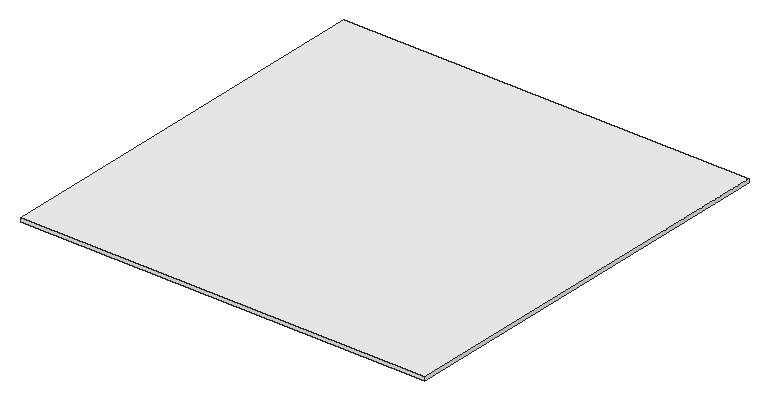
Revit family "NBS_INTRAMattingSystems_EntMatt_INTRAlux-Premier", category Generic Models, host Face, Revit 2013
Parameters (values of type "INTRAlux-Premier")
  Width [instance] = 1000 mm
  Weight = "3360g/m²"
  WarrantyStartDate [instance] = "1900-12-31T23:59:59"
  WarrantyGuarantorParts = "n/a"
  WarrantyGuarantorLabor = "n/a"
  WarrantyDurationUnit = "n/a"
  WarrantyDurationParts = "n/a"
  WarrantyDurationLabor = "n/a"
  WarrantyDescription = "n/a"
  Version = "1"
  Uniclass2 = "45-57-11/426"
  TrafficType = "n/a"
  TotalThickness = 9 mm
  Thickness = 9 mm  # constant formula
  TemperatureResistance = "n/a"
  TagNumber [instance] = "n/a"
  SustainabilityPerformance = "n/a"
  SurfaceSpreadOfFlame = "n/a"
  SurfaceInsertOptions = "n/a"
  Size = "Roll: 2000mm x 25m."
  Shape = "To be installed to any matwell shape/size"
  SerialNumber [instance] = "n/a"
  Revision = "n/a"
  ReplacementCost = "n/a"
  Reference = "n/a"
  Radius = "n/a"
  ProductInformation = "www.intramatting.com/product_download.php"
  Pattern = "n/a"
  NominalWidth = 0 mm
  NominalLength = 0 mm
  NominalHeight = 9 mm
  Name = "EntranceMatting_INTRAlux-Premier"
  NBSTypeID = "n/a"
  NBSReference = "45-35-35/420"
  NBSOfficeMasterTag = "n/a"
  NBSNote = "n/a"
  NBSDescription = "Entrance matting"
  NBSCertification = "www.nationalbimlibrary.com/intramatting-systems/intralux-premier"
  ModuleWidth = "n/a"
  ModelReference = "INTRAlux Premier"
  ModelNumber = "n/a"
  MatwellFrameFinish = "n/a"
  MattingHeight = "9mm"
  Material = "n/a"
  ManufacturerURL = "www.intramatting.com"
  ManufacturerName = "INTRAmatting Systems"
  Manufacturer = "info@intramatting.com"
  LinkingJoints = "n/a"
  Length [instance] = 1000 mm
  IntegralAccessories = "n/a"
  InstallationDate [instance] = "1900-12-31T23:59:59"
  InsertColourOptions = "007 Anthracite or 014 Grey."
  IfcExportType = "FLOORING"
  IfcExportAs = "IfcCoveringType"
  HasNonSkidSurface = yes
  HasAntiStaticSurface = no
  Grade = "n/a"
  FragilityRating = "n/a"
  FlammabilityRating = "n/a"
  FireRating = "Cfl-s1"
  Finish = "n/a"
  Features = "n/a"
  ExpectedLife = "3-5 years"
  EnvironmentalProductDeclaration = "n/a"
  EntranceMattingMaterial = NBS_INTRAMattingSystems_EntranceMatting_INTRAlux-Premier
  DurationUnit = "year"
  Description = "High quality polyamide sheet fibre barrier matting."
  Default Elevation = 0 mm
  Construction = "n/a"
  Constituents = "High content PVC backing with polyamide pile and nylon monofilaments."
  Combustible = yes
  Color = "n/a"
  CodePerformance = "n/a"
  Category = "n/a"
  BaseMaterial = "n/a"
  BaseColour = "n/a"
  BarCode [instance] = "n/a"
  BIMObjectName = "NBS_INTRAMattingSystems_EntranceMatting_INTRAlux-Premier"
  Author = "NBS"
  AssetType = "Fixed"
  AssetIdentifier [instance] = "n/a"
  Arrangement = "Interior surface mounted."
  AcousticRating = "n/a"
  AccessibilityPerformance = "n/a"
Types (2, lengths in mm): name | TotalThickness | NominalHeight | Manufacturer | HasAntiStaticSurface | Description
  (no name) | 0 | 0 | 0 | yes | 0
  INTRAlux-Premier | 9 | 9 | "info@intramatting.com" | no | "High quality polyamide sheet fibre barrier matting."
Values of the unnamed type that differ from the named types
  Weight = ""
  WarrantyStartDate = ""
  WarrantyGuarantorParts = ""
  WarrantyGuarantorLabor = ""
  WarrantyDurationUnit = ""
  WarrantyDurationParts = ""
  WarrantyDurationLabor = ""
  WarrantyDescription = ""
  Version = ""
  Uniclass2 = ""
  TrafficType = ""
  TemperatureResistance = ""
  TagNumber = ""
  SustainabilityPerformance = ""
  SurfaceSpreadOfFlame = ""
  SurfaceInsertOptions = ""
  Size = ""
  Shape = ""
  SerialNumber = ""
  Revision = ""
  ReplacementCost = ""
  Reference = ""
  Radius = ""
  ProductInformation = ""
  Pattern = ""
  Name = ""
  NBSTypeID = ""
  NBSReference = ""
  NBSOfficeMasterTag = ""
  NBSNote = ""
  NBSDescription = ""
  NBSCertification = ""
  ModuleWidth = ""
  ModelReference = ""
  ModelNumber = ""
  MatwellFrameFinish = ""
  MattingHeight = ""
  Material = ""
  ManufacturerURL = ""
  ManufacturerName = ""
  LinkingJoints = ""
  IntegralAccessories = ""
  InstallationDate = ""
  InsertColourOptions = ""
  IfcExportType = ""
  IfcExportAs = ""
  Grade = ""
  FragilityRating = ""
  FlammabilityRating = ""
  FireRating = ""
  Finish = ""
  Features = ""
  ExpectedLife = ""
  EnvironmentalProductDeclaration = ""
  DurationUnit = ""
  Construction = ""
  Constituents = ""
  Color = ""
  CodePerformance = ""
  Category = ""
  BaseMaterial = ""
  BaseColour = ""
  BarCode = ""
  BIMObjectName = ""
  Author = ""
  AssetType = ""
  AssetIdentifier = ""
  Arrangement = ""
  AcousticRating = ""
  AccessibilityPerformance = ""
Reference planes
  plane 1 "Center (Front/Back)": y = 0
  plane 2: z = 0
  plane 3 "Center (Left/Right)": x = 0
  plane 4: x = -500
  plane 5: x = 500
  plane 6: y = 500
  plane 7: y = -500
  plane 8: z = 9
Forms (mm)
  Extrusion 1, solid, material "NBS_INTRAMattingSystems_EntranceMatting_INTRAlux-Premier" <- "EntranceMattingMaterial"
    sketch origin (0, 0, 0) x (1, 0, 0) y (0, 1, 0)
      loop
        line (-500, 500) -> (-500, -500) -> (500, -500) -> (500, 500) -> (-500, 500)
    from 0 to 9
Dimensions and locks
  equal spacing: plane 6, plane 1 "Center (Front/Back)", plane 7
  equal spacing: plane 4, plane 3 "Center (Left/Right)", plane 5
  "Length": plane 4 to plane 5
  "Width": plane 6 to plane 7
  "Thickness": plane 8 to plane 2
  aligned and locked: plane 2 to host face
  aligned and locked: level to host face
  aligned and locked: Extrusion 1 sketch curve to plane 6
  aligned and locked: plane 4 to Extrusion 1 sketch curve
  aligned and locked: plane 7 to Extrusion 1 sketch curve
  aligned and locked: Extrusion 1 sketch curve to plane 5
  aligned and locked: Extrusion 1 to plane 2
  aligned and locked: plane 8 to Extrusion 1
Automatic sketch dimensions
  host sketch curve to host sketch curve = 2438.4 mm  (x2)
